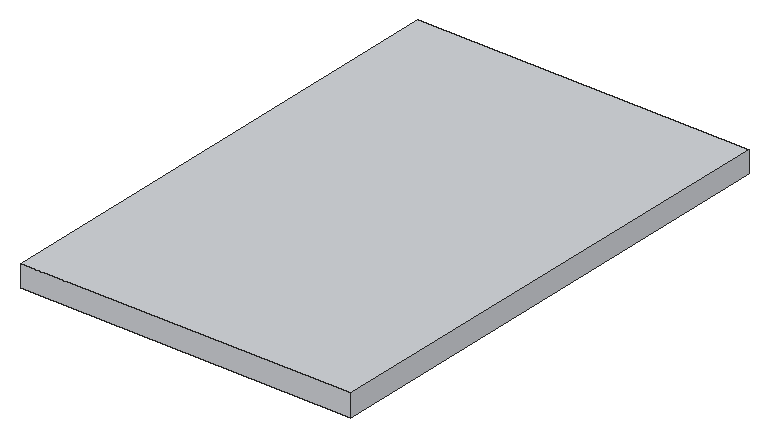
Revit family "CIRQUA-L-1XxxxSx-FSW", category Oprawy oświetleniowe, Revit 2019
Family settings
  Obiekt nadrzędny = Powierzchnia
  Wymiar okrągłego złącza = Użyj średnicy
  Typ części = Normalny
  Numer OmniClass = 23.80.70.11
  Tytuł OmniClass = Luminaries for Internal Lighting
  Tnij formami wycięć po wczytaniu = Nie
  Źródło światła = Tak
  Współdzielony = Nie
  Punkt obliczania pomieszczeń = Nie
Parameters (values of type "CIRQUA-L 1X3100-930 S-DA-FSW")
  width = 100 mm  # constant formula
  weight = "1,3 kg"  # constant formula
  voltage type (AC, DC, UC) = "AC"
  rated input power = 34
  product name = "CIRQUA-L 1X3100-930 S-DA-FSW"
  nominal voltage = "230"
  nominal frequency = "50-60Hz"
  length = 310 mm  # constant formula
  ingress protection (IP) code = "IP20"
  height = 171 mm  # constant formula
  electrical safety class = "1"
  control gear = ""
  conformity mark = "CE"  # constant formula
  brand = "RIDI"
  approval mark = ""
  built-in parameter 1150104 = 13.8 (stored number, unit not read)
  Wattage = 21.1388 W
  Emituj ze średnicy okręgu = 76 mm  # constant formula
  Default Elevation = 0 mm
  built-in parameter 1150113 = 1 (stored number, unit not read)
  built-in parameter 1114218 = 1 (stored number, unit not read)
  URL = "www.ridi.de"
  built-in parameter 1150134 = (empty or 0)
  built-in parameter 1150109 = 1 (stored number, unit not read)
  built-in parameter 1150110 = 1 (stored number, unit not read)
  Apparent Load = 34 VA
  Tilt Angle = 90.00°
  Model = "0331978AQ"
  built-in parameter 1114217 = 1 (stored number, unit not read)
  built-in parameter 1150139 = (empty or 0)
  built-in parameter 1150105 = 20797.7 (stored number, unit not read)
  built-in parameter 1150114 = 1 (stored number, unit not read)
  Lumens = 3140 lm
  built-in parameter 1150115 = 1 (stored number, unit not read)
  built-in parameter 1150112 = 1 (stored number, unit not read)
  Lampa = "LED"
  Producent = "RIDI Leuchten GmbH"  # constant formula
  Dimming Lamp Color Temperature Shift = (empty or 0)
  Color Filter = 16777215
  built-in parameter 1150133 = 10 (stored number, unit not read)
  Emit Shape Visible in Rendering = no
  built-in parameter 1150137 = (empty or 0)
  built-in parameter 1150132 = 2
  Plik sieci fotometrycznej = "CIRQUA-L 1x3200-840 S.IES"
  Copyright = "© RIDI. All rights reserved."  # constant formula
  built-in parameter 1150106 = 207.98 (stored number, unit not read)
  Kod zespołu = "D5020200"
  built-in parameter 1150107 = 3000 (stored number, unit not read)
  built-in parameter 1150102 = (empty or 0)
  built-in parameter 1150138 = (empty or 0)
Types (10, lengths in mm): name | rated input power | product name | Wattage | built-in parameter 1150134 | Apparent Load | Model | built-in parameter 1150105 | Lumens | built-in parameter 1150106 | built-in parameter 1150107
  (no name) | 34 | "CIRQUA-L 1X3100-930 S-DA-FSW" | 21.1388 W | (empty or 0) | 34 VA | "0331978AQ" | 20797.7 (stored number, unit not read) | 3140 lm | 207.98 (stored number, unit not read) | 3000 (stored number, unit not read)
  CIRQUA-L 1X3000-830 S-FSW | 26 | "CIRQUA-L 1X3000-830 S-FSW" | 20.7349 W | (empty or 0) | 26 VA | "0321962AQ" | 14227.9 (stored number, unit not read) | 3080 lm | 142.28 (stored number, unit not read) | 3000 (stored number, unit not read)
  CIRQUA-L 1X3600-830 S-FSW | 34 | "CIRQUA-L 1X3600-830 S-FSW" | 24.5722 W | (empty or 0) | 34 VA | "0321966AQ" | 24175.7 (stored number, unit not read) | 3650 lm | 241.76 (stored number, unit not read) | 3000 (stored number, unit not read)
  CIRQUA-L 1X3600-830 S-DA-FSW | 34 | "CIRQUA-L 1X3600-830 S-DA-FSW" | 24.5722 W | (empty or 0) | 34 VA | "0331966AQ" | 24175.7 (stored number, unit not read) | 3650 lm | 241.76 (stored number, unit not read) | 3000 (stored number, unit not read)
  CIRQUA-L 1X3200-840 S-FSW | 26 | "CIRQUA-L 1X3200-840 S-FSW" | 21.8793 W | 12 | 26 VA | "0321950AQ" | 21526.3 (stored number, unit not read) | 3250 lm | 215.26 (stored number, unit not read) | 4000 (stored number, unit not read)
  CIRQUA-L 1X3800-840 S-FSW | 34 | "CIRQUA-L 1X3800-840 S-FSW" | 26.1206 W | 12 | 34 VA | "0321954AQ" | 25699.1 (stored number, unit not read) | 3880 lm | 256.99 (stored number, unit not read) | 4000 (stored number, unit not read)
  CIRQUA-L 1X3800-840 S-DA-FSW | 34 | "CIRQUA-L 1X3800-840 S-DA-FSW" | 26.1206 W | 12 | 34 VA | "0331954AQ" | 25699.1 (stored number, unit not read) | 3880 lm | 256.99 (stored number, unit not read) | 4000 (stored number, unit not read)
  CIRQUA-L 1X2600-930 S-FSW | 26 | "CIRQUA-L 1X2600-930 S-FSW" | 17.8401 W | (empty or 0) | 26 VA | "0321974AQ" | 17552.2 (stored number, unit not read) | 2650 lm | 175.52 (stored number, unit not read) | 3000 (stored number, unit not read)
  CIRQUA-L 1X3100-930 S-FSW | 34 | "CIRQUA-L 1X3100-930 S-FSW" | 21.1388 W | (empty or 0) | 34 VA | "0321978AQ" | 20797.7 (stored number, unit not read) | 3140 lm | 207.98 (stored number, unit not read) | 3000 (stored number, unit not read)
  CIRQUA-L 1X3100-930 S-DA-FSW | 34 | "CIRQUA-L 1X3100-930 S-DA-FSW" | 21.1388 W | (empty or 0) | 34 VA | "0331978AQ" | 20797.7 (stored number, unit not read) | 3140 lm | 207.98 (stored number, unit not read) | 3000 (stored number, unit not read)
Reference planes
  plane 1 "Mitte (Vorne/hinten)": y = 0
  plane 2: z = 24.176
  plane 3 "Mitte (Links/rechts)": x = 22
  plane 4: z = 0
Forms (mm)
  Extrusion 1, solid
    sketch origin (219.2, 280.8, 0) x (1, 0, 0) y (0, 1, 0)
      loop
        line (-1219.2, 1219.2) -> (-1219.2, -1780.8) -> (780.8, -1780.8) -> (780.8, 1219.2) -> (-1219.2, 1219.2)
    from 24.176 to -107.307
Dimensions and locks
  aligned and locked: plane 2 to Extrusion 1
Connectors
  electrical at (-103.767, 0, 25.176), driven by "Apparent Load"
    settings: on import instance, index 1, voltage 230 V, apparent load 0 VA, apparent load phase1 34 VA, apparent load phase2 0 VA, apparent load phase3 0 VA, power factor 1, load classification "Lighting", number of poles 1, system type 31, power factor state 1, is connector primary yes, connector utility no, sub classification motor no, connector description ""
